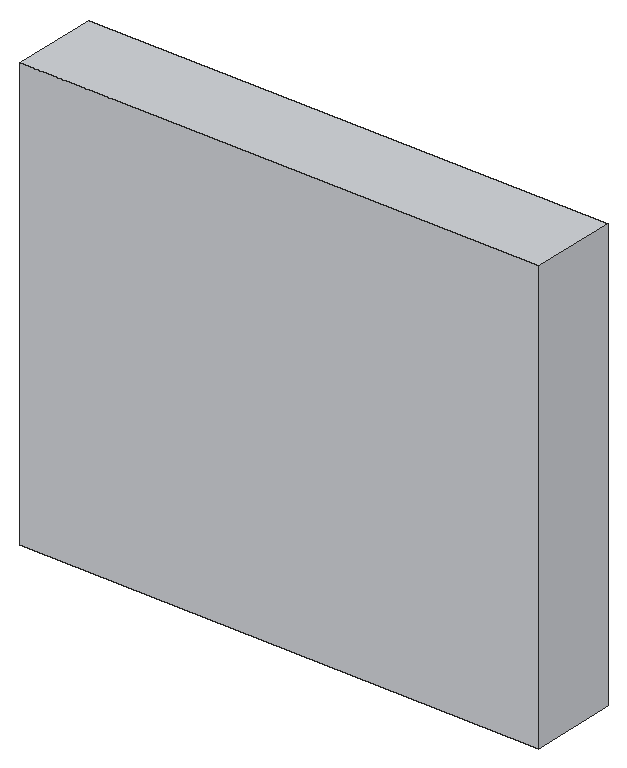
Revit family "HZG_Heizkörper Ventil VL+RL mittig", category HLS-Bauteile, Revit 2016
Family settings
  Teiletyp = Normal
  Bemaßung runder Anschluss = Radius verwenden
  OmniClass-Nummer = 23.65.35.11.11
  OmniClass-Titel = Storage Water Heaters
  Arbeitsebenenbasiert = Nein
  Immer vertikal = Ja
  Beim Laden mit Abzugskörper schneiden = Nein
  Gemeinsam genutzt = Nein
  Raumberechnungspunkt = Nein
Parameters (values of type "22/500/600")
  Typ_VDI2552 = "423.17|Flachheizkörper"  # constant formula
  HZG_Leistung [instance] = 0
  HZG_IstHeizkörper = yes
  HLS_Länge = Länge  # 600 mm
  HLS_Höhe = Höhe  # 500 mm
  HLS_Breite = Breite  # 100 mm
  Cc_Länge = HLS_Länge  # 600 mm
  Cc_Kennzeichen = ""
  Cc_Höhe = HLS_Höhe  # 500 mm
  Cc_Breite = HLS_Breite  # 100 mm
  Cc_Beschreibung = ""
  Breite = 100 mm
  Wasserdruckverlust [instance] = 0.00 psi
  Massenstrom [instance] = 0 GPM
  Wandabstand = 20 mm
  Nennradius = 7.5 mm
  Nenndurchmesser = Nennradius * 2  # 15 mm
  Länge = 600 mm
  Höhe = 500 mm
  Heizleistung [instance] = 0.0 Btu/h
Types (4, lengths in mm): name | HLS_Länge | HLS_Höhe | HLS_Breite | Cc_Länge | Cc_Höhe | Cc_Breite | Breite | Länge | Höhe
  10/300/600 | 705 | 300 | 61 | 705 | 300 | 61 | 61 | 705 | 300
  12/400/800 | 800 | 400 | 64 | 800 | 400 | 64 | 64 | 800 | 400
  22/500/600 | 600 | 500 | 100 | 600 | 500 | 100 | 100 | 600 | 500
  12/400/800 2 | 800 | 400 | 64 | 800 | 400 | 64 | 64 | 800 | 400
Reference planes
  plane 1 "Mitte (Vorne/Hinten)": y = 0
  plane 2: z = 0
  plane 3 "Mitte (Links/Rechts)": x = 0
  plane 4: y = -120
  plane 5: y = -70
  plane 6: y = -20
  plane 7: x = 300
  plane 8: z = 500
  plane 9: x = -300
  plane 10: z = 2
Forms (mm)
  Extrusion 1, solid, detail levels medium+fine
    sketch origin (0, 17.773, 0) x (0, -1, 0) y (1, 0, 0)
      loop
        line (37.773, 300) -> (37.773, -300) -> (137.773, -300) -> (137.773, 300) -> (37.773, 300)
    from 0 to 500
  Extrusion 2, solid, detail levels medium+fine
    sketch origin (0, -422.82, 2) x (0, -1, 0) y (1, 0, 0)
      loop
        circle (-352.82, -20) r 7.5
      loop
        circle (-352.82, 20.043) r 7.5
    from 0 to -2
Lines and regions (mm)
  model lines, detail levels coarse
    curve 1: line (300, -20, 0) -> (300, -120, 0)
    curve 2: line (-300, -20, 0) -> (300, -20, 0)
    curve 3: line (-300, -120, 0) -> (-300, -20, 0)
    curve 4: line (300, -120, 0) -> (-300, -120, 0)
  model lines, style "Symbol", detail levels coarse
    curve 5: line (300, -70, 500) -> (-300, -70, 500)
    curve 6: line (300, -70, 0) -> (300, -70, 500)
    curve 7: line (-300, -70, 0) -> (300, -70, 0)
    curve 8: line (-300, -70, 500) -> (-300, -70, 0)
    curve 9: line (0, -20, 500) -> (0, -120, 500)
    curve 10: line (0, -20, 0) -> (0, -20, 500)
    curve 11: line (0, -120, 0) -> (0, -20, 0)
    curve 12: line (0, -120, 500) -> (0, -120, 0)
Dimensions and locks
  equal spacing: plane 6, plane 5, plane 4
  "Breite": plane 6 to plane 4
  "Höhe": plane 8 to level
  plane 7 to plane 9 = 600 mm
  "Länge": plane 7 to plane 9
  locked: plane 10 to level at 2
  "Wandabstand": plane 6 to plane 1 "Mitte (Vorne/Hinten)"
  locked: Extrusion 2 sketch curve to plane 3 "Mitte (Links/Rechts)" at 20
  locked: plane 3 "Mitte (Links/Rechts)" to Extrusion 2 sketch curve at 20.043
  equal spacing: plane 9, plane 3 "Mitte (Links/Rechts)", plane 7
  "Nennradius": radius of Extrusion 2 sketch curve  (x2)
  aligned and locked: plane 2 to level
  aligned and locked: Extrusion 1 sketch curve to plane 7
  aligned and locked: plane 6 to Extrusion 1 sketch curve
  aligned and locked: Extrusion 1 sketch curve to plane 4
  aligned and locked: Extrusion 1 to plane 9
  aligned and locked: Extrusion 1 to level
  aligned and locked: plane 8 to Extrusion 1
  aligned and locked: Extrusion 1 to plane 2
  aligned and locked: curve 1 to Extrusion 1
  aligned and locked: curve 2 to Extrusion 1
  aligned and locked: curve 3 to Extrusion 1
  aligned and locked: curve 4 to Extrusion 1
  aligned and locked: Extrusion 2 to level
  aligned and locked: plane 10 to Extrusion 2
  aligned and locked: curve 5 to Extrusion 1
  aligned and locked: curve 6 to Extrusion 1
  aligned and locked: curve 7 to curve 2
  aligned and locked: curve 8 to Extrusion 1
  aligned and locked: curve 9 to Extrusion 1
  aligned and locked: curve 10 to Extrusion 1
  aligned and locked: curve 11 to curve 1
  aligned and locked: curve 12 to Extrusion 1
Automatic sketch dimensions
  Extrusion 1 sketch curve to plane 9 = 0 mm
  plane 5 to Extrusion 2 sketch curve = 0 mm  (x2)
Connectors
  piping at (-20, -70, 0), diameter 15, driven by "Massenstrom", driven by "Nennradius"
    settings: on Extrusion 2, index 1, connector inside diameter 15 mm, connector length 0 mm, flow factor 0, pipe flow 0 GPM, pressure drop 0.00 psi, fitting loss kfactor 0, connector angle 0.00°, fixture units 0, engagement length 0 mm, angle of deflection 0.00°, flow configuration 1, flow direction 1, fitting loss method 0, system type 7, joint type 0, gender type 0, connector reference index 2, connector utility 0, adjustable connector no, is connector primary yes, connector description ""
  piping at (20.043, -70, 0), diameter 15, driven by "Massenstrom", driven by "Wasserdruckverlust", driven by "Nennradius"
    settings: on Extrusion 2, index 2, connector inside diameter 15 mm, connector length 0 mm, flow factor 0, pipe flow 0 GPM, pressure drop 0.00 psi, fitting loss kfactor 0, connector angle 0.00°, fixture units 0, engagement length 0 mm, angle of deflection 0.00°, flow configuration 1, flow direction 2, fitting loss method 4, system type 8, joint type 0, gender type 0, connector reference index 1, connector utility 0, adjustable connector no, is connector primary no, connector description ""
